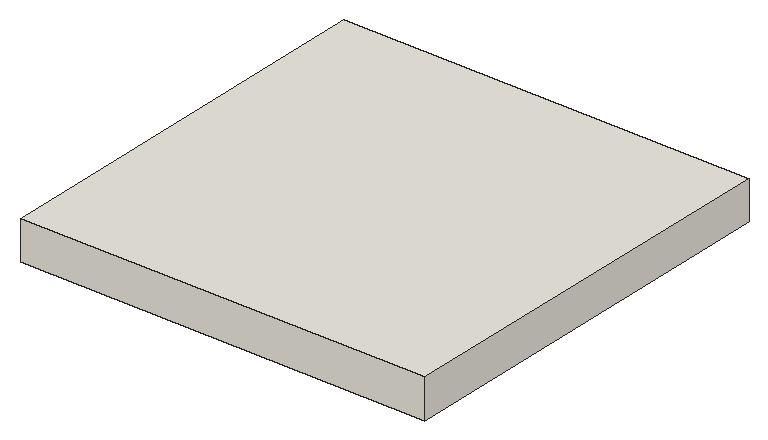
Revit family "UNIVERSAL", category Осветительные приборы, Revit 2019 (continued)
Types (12, lengths in mm): name | Файл фотометрической сетки | built-in parameter 1150105 | Lumens | built-in parameter 1150106 | built-in parameter 1150142 | Wattage | Emit from Rectangle Width | Emit from Rectangle Length | Длина | Ширина | ADSK_Ток | ADSK_Полная мощность | ADSK_Обозначение | ADSK_Номинальная мощность | ADSK_Наименование | ADSK_Код изделия
  CSVT Universal - 34/prisma 595х595х55 (IP20, 4000К) с БАП на 1 час | "CSVT Universal-34_opal-sand.ies" | 246.69 (stored number, unit not read) | 3100 lm | 2.4669 (stored number, unit not read) | "IESNA:LM-63-95\r\n[TEST] Протокол № 50-12 \r\n[DATA] 20.06.2016\r\n[MORE] \r\n[MANUFAC] ЗАО \"Центрстройсвет\"\r\n[LUMCAT]  Светильник ALUMOGIPS-38/OPAL-SAND-(610x610)\r\n[LUMINAIRE]\r\n[LAMPCAT] Светодиоды\r\n[LAMP] Поток источника света (светодиодов) не известен\r\n[MORE] КСС приведена в абсолютных величинах кд\r\n[MORE] Вместо потока лампы, указан поток светильника.\r\nTILT=NONE\r\n1    3750 1.0 37 73 1 2 0.61 0.61 0.04\r\n1.0 1.0 38.7\r\n0.0 5.0 10.0 15.0 20.0 25.0 30.0 35.0 40.0 45.0 50.0 55.0 60.0 65.0 70.0 75.0 80.0 85.0 90.0 95.0 100.0 105.0 110.0 115.0 120.0 125.0 130.0 135.0 140.0 145.0 150.0 155.0 160.0 165.0 170.0 175.0 180.0\r\n0.0 5.0 10.0 15.0 20.0 25.0 30.0 35.0 40.0 45.0 50.0 55.0 60.0 65.0 70.0 75.0 80.0 85.0 90.0 95.0 100.0 105.0 110.0 115.0 120.0 125.0 130.0 135.0 140.0 145.0 150.0 155.0 160.0 165.0 170.0 175.0 180.0 185.0 190.0 195.0 200.0 205.0 210.0 215.0 220.0 225.0 230.0 235.0 240.0 245.0 250.0 255.0 260.0 265.0 270.0 275.0 280.0 285.0 290.0 295.0 300.0 305.0 310.0 315.0 320.0 325.0 330.0 335.0 340.0 345.0 350.0 355.0 360.0\r\n1391.4 1390.6 1365.7 1330.6 1277.5 1214.9 1147.5 1059.6 967.6 873.2 772.4 664.9 556.3 449.1 342.7 240.6 147.1 64.2 4.7 0.0 0.0 0.0 0.0 0.0 0.0 0.0 0.0 0.0 0.0 0.0 0.0 0.0 0.0 0.0 0.0 0.0 0.0\r\n1391.4 1390.5 1367.8 1332.7 1284.3 1221.3 1147.0 1062.1 969.2 872.4 773.2 666.3 557.1 450.1 343.8 241.9 146.9 64.7 5.2 0.0 0.0 0.0 0.0 0.0 0.0 0.0 0.0 0.0 0.0 0.0 0.0 0.0 0.0 0.0 0.0 0.0 0.0\r\n1391.4 1390.2 1372.0 1333.3 1277.3 1216.8 1144.5 1057.4 969.6 875.1 773.8 669.5 560.0 454.6 345.8 242.4 148.5 65.8 5.4 0.0 0.0 0.0 0.0 0.0 0.0 0.0 0.0 0.0 0.0 0.0 0.0 0.0 0.0 0.0 0.0 0.0 0.0\r\n1391.4 1389.8 1371.2 1330.7 1279.5 1220.5 1148.3 1059.9 967.7 873.2 767.5 666.8 561.4 453.0 347.1 243.7 149.9 65.6 5.8 0.0 0.0 0.0 0.0 0.0 0.0 0.0 0.0 0.0 0.0 0.0 0.0 0.0 0.0 0.0 0.0 0.0 0.0\r\n1391.4 1389.8 1368.3 1329.3 1285.0 1214.6 1141.1 1058.7 971.8 871.3 775.2 666.9 559.4 452.6 345.8 242.5 150.0 65.8 6.1 0.0 0.0 0.0 0.0 0.0 0.0 0.0 0.0 0.0 0.0 0.0 0.0 0.0 0.0 0.0 0.0 0.0 0.0\r\n1391.4 1390.5 1367.3 1332.3 1281.7 1219.0 1142.8 1064.6 970.5 874.4 772.1 667.5 560.2 453.0 346.2 241.8 149.4 65.7 5.6 0.0 0.0 0.0 0.0 0.0 0.0 0.0 0.0 0.0 0.0 0.0 0.0 0.0 0.0 0.0 0.0 0.0 0.0\r\n1391.4 1391.4 1368.1 1333.5 1277.3 1215.7 1139.0 1059.6 968.1 872.4 771.6 667.4 558.8 453.3 344.3 243.9 148.4 65.7 5.4 0.0 0.0 0.0 0.0 0.0 0.0 0.0 0.0 0.0 0.0 0.0 0.0 0.0 0.0 0.0 0.0 0.0 0.0\r\n1391.4 1391.7 1368.1 1330.4 1278.2 1213.9 1142.4 1061.6 967.4 875.1 772.0 669.3 561.1 452.5 345.2 242.1 148.3 65.4 5.5 0.0 0.0 0.0 0.0 0.0 0.0 0.0 0.0 0.0 0.0 0.0 0.0 0.0 0.0 0.0 0.0 0.0 0.0\r\n1391.4 1391.5 1371.0 1328.4 1278.5 1216.7 1142.1 1061.2 971.8 874.7 772.1 668.9 560.8 452.9 345.4 243.3 147.7 66.0 5.4 0.0 0.0 0.0 0.0 0.0 0.0 0.0 0.0 0.0 0.0 0.0 0.0 0.0 0.0 0.0 0.0 0.0 0.0\r\n1391.4 1391.5 1373.2 1330.5 1277.3 1215.5 1143.2 1063.6 967.0 872.7 772.2 669.4 558.9 453.2 346.6 241.9 148.1 65.2 5.5 0.0 0.0 0.0 0.0 0.0 0.0 0.0 0.0 0.0 0.0 0.0 0.0 0.0 0.0 0.0 0.0 0.0 0.0\r\n1391.4 1391.4 1369.7 1328.3 1281.3 1216.0 1139.8 1057.9 968.7 875.3 773.9 667.6 561.8 454.0 344.0 243.1 147.2 65.6 5.5 0.0 0.0 0.0 0.0 0.0 0.0 0.0 0.0 0.0 0.0 0.0 0.0 0.0 0.0 0.0 0.0 0.0 0.0\r\n1391.4 1390.5 1367.9 1330.1 1278.1 1218.1 1138.9 1061.0 970.0 871.8 770.4 669.3 560.2 453.4 346.9 242.1 148.3 65.2 5.2 0.0 0.0 0.0 0.0 0.0 0.0 0.0 0.0 0.0 0.0 0.0 0.0 0.0 0.0 0.0 0.0 0.0 0.0\r\n1391.4 1389.3 1368.2 1329.1 1280.8 1214.4 1142.5 1059.2 967.2 874.3 772.4 668.0 563.1 452.3 345.7 242.8 146.8 64.9 5.1 0.0 0.0 0.0 0.0 0.0 0.0 0.0 0.0 0.0 0.0 0.0 0.0 0.0 0.0 0.0 0.0 0.0 0.0\r\n1391.4 1388.6 1367.4 1327.8 1278.0 1215.7 1141.0 1061.0 971.5 877.3 771.2 667.3 561.5 453.0 346.4 242.4 146.3 64.8 5.2 0.0 0.0 0.0 0.0 0.0 0.0 0.0 0.0 0.0 0.0 0.0 0.0 0.0 0.0 0.0 0.0 0.0 0.0\r\n1391.4 1388.0 1367.6 1326.7 1278.3 1218.0 1140.9 1061.5 968.4 873.4 770.1 666.6 562.1 454.6 344.8 241.8 146.4 64.0 5.5 0.0 0.0 0.0 0.0 0.0 0.0 0.0 0.0 0.0 0.0 0.0 0.0 0.0 0.0 0.0 0.0 0.0 0.0\r\n1391.4 1387.2 1366.1 1331.0 1281.4 1216.3 1142.7 1059.1 969.4 871.5 772.2 667.3 560.5 453.0 344.4 242.2 146.4 63.8 5.6 0.0 0.0 0.0 0.0 0.0 0.0 0.0 0.0 0.0 0.0 0.0 0.0 0.0 0.0 0.0 0.0 0.0 0.0\r\n1391.4 1387.1 1366.3 1328.7 1276.9 1214.5 1141.2 1059.3 968.4 874.3 775.5 668.3 562.5 454.9 346.4 241.3 146.2 63.5 5.7 0.0 0.0 0.0 0.0 0.0 0.0 0.0 0.0 0.0 0.0 0.0 0.0 0.0 0.0 0.0 0.0 0.0 0.0\r\n1391.4 1388.4 1366.0 1329.7 1279.2 1217.9 1140.0 1060.5 969.0 873.9 772.0 671.3 560.4 453.2 343.7 241.7 145.8 63.7 5.4 0.0 0.0 0.0 0.0 0.0 0.0 0.0 0.0 0.0 0.0 0.0 0.0 0.0 0.0 0.0 0.0 0.0 0.0\r\n1391.4 1389.6 1367.7 1329.3 1277.2 1211.1 1140.1 1061.0 971.0 871.2 769.2 669.1 561.5 453.1 343.3 241.9 145.8 63.4 5.2 0.0 0.0 0.0 0.0 0.0 0.0 0.0 0.0 0.0 0.0 0.0 0.0 0.0 0.0 0.0 0.0 0.0 0.0\r\n1391.4 1388.8 1366.9 1327.1 1279.4 1214.2 1142.5 1056.4 970.7 870.3 771.0 665.1 560.4 453.3 343.8 241.1 145.7 63.4 5.2 0.0 0.0 0.0 0.0 0.0 0.0 0.0 0.0 0.0 0.0 0.0 0.0 0.0 0.0 0.0 0.0 0.0 0.0\r\n1391.4 1387.2 1365.8 1328.9 1276.6 1210.2 1141.4 1059.3 966.6 871.4 770.5 667.4 559.2 451.4 344.2 241.0 145.6 63.2 5.1 0.0 0.0 0.0 0.0 0.0 0.0 0.0 0.0 0.0 0.0 0.0 0.0 0.0 0.0 0.0 0.0 0.0 0.0\r\n1391.4 1386.8 1364.4 1329.8 1279.4 1213.7 1144.0 1059.0 965.3 873.7 768.8 668.9 559.4 449.5 342.6 241.5 144.6 63.4 5.0 0.0 0.0 0.0 0.0 0.0 0.0 0.0 0.0 0.0 0.0 0.0 0.0 0.0 0.0 0.0 0.0 0.0 0.0\r\n1391.4 1388.1 1365.8 1328.1 1273.8 1213.4 1137.9 1059.2 967.3 869.2 769.3 667.7 558.4 451.4 344.0 240.6 145.7 63.4 4.9 0.0 0.0 0.0 0.0 0.0 0.0 0.0 0.0 0.0 0.0 0.0 0.0 0.0 0.0 0.0 0.0 0.0 0.0\r\n1391.4 1389.2 1364.4 1323.2 1276.3 1213.8 1137.6 1055.3 963.1 871.0 767.7 664.1 559.7 447.1 342.4 240.1 145.2 63.9 5.1 0.0 0.0 0.0 0.0 0.0 0.0 0.0 0.0 0.0 0.0 0.0 0.0 0.0 0.0 0.0 0.0 0.0 0.0\r\n1391.4 1388.4 1362.3 1326.8 1274.4 1212.2 1137.9 1054.7 966.7 867.9 768.7 663.4 557.3 449.2 343.3 240.0 145.7 63.6 5.0 0.0 0.0 0.0 0.0 0.0 0.0 0.0 0.0 0.0 0.0 0.0 0.0 0.0 0.0 0.0 0.0 0.0 0.0\r\n1391.4 1386.2 1361.8 1326.5 1273.3 1211.2 1134.5 1048.6 964.3 866.3 767.8 662.9 556.7 449.5 341.9 239.8 145.7 63.7 5.0 0.0 0.0 0.0 0.0 0.0 0.0 0.0 0.0 0.0 0.0 0.0 0.0 0.0 0.0 0.0 0.0 0.0 0.0\r\n1391.4 1384.4 1363.5 1324.4 1272.0 1209.5 1137.2 1053.0 960.2 867.5 767.9 662.7 556.7 449.2 342.5 239.1 146.2 63.8 4.8 0.0 0.0 0.0 0.0 0.0 0.0 0.0 0.0 0.0 0.0 0.0 0.0 0.0 0.0 0.0 0.0 0.0 0.0\r\n1391.4 1383.7 1362.4 1324.4 1274.0 1209.5 1134.4 1050.1 965.4 864.9 764.6 662.3 556.6 447.9 340.5 240.3 145.5 64.6 4.6 0.0 0.0 0.0 0.0 0.0 0.0 0.0 0.0 0.0 0.0 0.0 0.0 0.0 0.0 0.0 0.0 0.0 0.0\r\n1391.4 1384.4 1361.9 1326.9 1270.2 1207.3 1132.7 1050.1 959.7 867.7 763.1 662.2 555.0 447.3 343.0 238.3 145.8 63.9 4.7 0.0 0.0 0.0 0.0 0.0 0.0 0.0 0.0 0.0 0.0 0.0 0.0 0.0 0.0 0.0 0.0 0.0 0.0\r\n1391.4 1385.1 1363.0 1320.0 1270.4 1207.9 1134.4 1055.0 963.5 867.3 766.7 660.7 555.9 450.1 342.6 240.2 145.9 64.3 4.9 0.0 0.0 0.0 0.0 0.0 0.0 0.0 0.0 0.0 0.0 0.0 0.0 0.0 0.0 0.0 0.0 0.0 0.0\r\n1391.4 1384.9 1362.3 1321.4 1273.1 1208.0 1135.4 1052.3 961.9 865.0 764.0 660.8 553.5 447.6 341.2 240.3 146.1 63.8 4.8 0.0 0.0 0.0 0.0 0.0 0.0 0.0 0.0 0.0 0.0 0.0 0.0 0.0 0.0 0.0 0.0 0.0 0.0\r\n1391.4 1383.8 1361.2 1322.1 1265.1 1211.5 1132.8 1049.3 961.3 863.4 764.0 661.0 550.7 447.9 341.0 240.1 146.2 63.8 4.6 0.0 0.0 0.0 0.0 0.0 0.0 0.0 0.0 0.0 0.0 0.0 0.0 0.0 0.0 0.0 0.0 0.0 0.0\r\n1391.4 1382.8 1359.3 1321.5 1269.3 1206.8 1132.8 1051.1 958.3 863.2 763.1 662.7 553.4 448.0 340.4 240.0 145.8 63.8 4.0 0.0 0.0 0.0 0.0 0.0 0.0 0.0 0.0 0.0 0.0 0.0 0.0 0.0 0.0 0.0 0.0 0.0 0.0\r\n1391.4 1382.6 1359.0 1319.6 1268.1 1204.3 1129.8 1049.0 957.7 861.8 761.7 658.4 554.2 446.1 340.4 239.0 145.6 63.8 3.8 0.0 0.0 0.0 0.0 0.0 0.0 0.0 0.0 0.0 0.0 0.0 0.0 0.0 0.0 0.0 0.0 0.0 0.0\r\n1391.4 1382.8 1358.5 1315.8 1266.5 1202.1 1128.5 1049.2 957.6 860.0 762.1 658.2 549.9 443.8 339.6 238.4 145.7 63.6 3.7 0.0 0.0 0.0 0.0 0.0 0.0 0.0 0.0 0.0 0.0 0.0 0.0 0.0 0.0 0.0 0.0 0.0 0.0\r\n1391.4 1382.2 1360.5 1319.2 1265.9 1204.5 1129.9 1046.9 955.0 862.9 758.9 657.9 552.5 444.9 338.9 238.8 145.3 63.6 3.3 0.0 0.0 0.0 0.0 0.0 0.0 0.0 0.0 0.0 0.0 0.0 0.0 0.0 0.0 0.0 0.0 0.0 0.0\r\n1391.4 1381.1 1361.2 1321.0 1268.1 1203.8 1128.8 1047.4 955.6 863.7 761.1 656.4 551.5 445.2 339.2 238.5 144.7 62.5 3.5 0.0 0.0 0.0 0.0 0.0 0.0 0.0 0.0 0.0 0.0 0.0 0.0 0.0 0.0 0.0 0.0 0.0 0.0\r\n1391.4 1380.6 1359.0 1316.4 1268.5 1204.0 1126.1 1049.5 956.2 859.6 759.7 656.5 549.2 444.3 338.4 236.1 143.8 61.6 3.2 0.0 0.0 0.0 0.0 0.0 0.0 0.0 0.0 0.0 0.0 0.0 0.0 0.0 0.0 0.0 0.0 0.0 0.0\r\n1391.4 1380.7 1356.6 1316.0 1267.0 1205.6 1130.3 1044.8 956.9 856.7 759.3 653.5 548.1 441.9 335.3 235.4 141.4 60.3 2.9 0.0 0.0 0.0 0.0 0.0 0.0 0.0 0.0 0.0 0.0 0.0 0.0 0.0 0.0 0.0 0.0 0.0 0.0\r\n1391.4 1380.4 1354.4 1317.9 1268.8 1199.0 1129.0 1044.0 956.9 860.6 758.3 656.9 549.1 442.0 334.4 236.1 141.7 60.5 2.6 0.0 0.0 0.0 0.0 0.0 0.0 0.0 0.0 0.0 0.0 0.0 0.0 0.0 0.0 0.0 0.0 0.0 0.0\r\n1391.4 1380.1 1356.7 1322.1 1264.6 1201.7 1129.9 1047.4 957.2 859.7 758.2 656.1 549.4 442.8 335.3 235.8 141.3 60.6 2.3 0.0 0.0 0.0 0.0 0.0 0.0 0.0 0.0 0.0 0.0 0.0 0.0 0.0 0.0 0.0 0.0 0.0 0.0\r\n1391.4 1379.9 1357.3 1317.5 1265.9 1207.8 1129.2 1046.5 955.7 860.2 758.6 656.9 550.7 441.9 335.4 233.9 140.6 60.2 2.4 0.0 0.0 0.0 0.0 0.0 0.0 0.0 0.0 0.0 0.0 0.0 0.0 0.0 0.0 0.0 0.0 0.0 0.0\r\n1391.4 1379.2 1355.5 1314.6 1269.3 1203.7 1133.5 1044.8 957.2 857.9 762.0 656.6 548.7 440.4 335.9 234.5 140.4 59.8 2.8 0.0 0.0 0.0 0.0 0.0 0.0 0.0 0.0 0.0 0.0 0.0 0.0 0.0 0.0 0.0 0.0 0.0 0.0\r\n1391.4 1377.9 1357.1 1319.2 1271.9 1204.4 1128.6 1050.2 953.1 856.9 757.6 653.7 548.9 439.9 335.4 232.4 140.5 59.2 3.0 0.0 0.0 0.0 0.0 0.0 0.0 0.0 0.0 0.0 0.0 0.0 0.0 0.0 0.0 0.0 0.0 0.0 0.0\r\n1391.4 1377.2 1356.3 1322.9 1266.0 1204.8 1132.2 1049.0 958.1 859.3 759.0 654.6 547.0 441.6 334.9 232.1 139.3 58.8 2.9 0.0 0.0 0.0 0.0 0.0 0.0 0.0 0.0 0.0 0.0 0.0 0.0 0.0 0.0 0.0 0.0 0.0 0.0\r\n1391.4 1377.8 1353.8 1319.7 1269.6 1207.9 1135.8 1049.5 955.8 858.0 762.4 655.9 548.2 441.6 335.6 231.7 139.4 58.8 2.8 0.0 0.0 0.0 0.0 0.0 0.0 0.0 0.0 0.0 0.0 0.0 0.0 0.0 0.0 0.0 0.0 0.0 0.0\r\n1391.4 1378.5 1355.2 1319.8 1267.3 1206.5 1131.2 1046.1 954.6 861.2 756.6 653.8 548.1 440.3 335.0 232.6 138.6 59.0 2.9 0.0 0.0 0.0 0.0 0.0 0.0 0.0 0.0 0.0 0.0 0.0 0.0 0.0 0.0 0.0 0.0 0.0 0.0\r\n1391.4 1378.6 1355.1 1318.3 1269.7 1200.8 1133.1 1049.0 957.6 862.5 762.4 656.9 549.3 443.5 334.7 231.2 138.8 58.1 3.0 0.0 0.0 0.0 0.0 0.0 0.0 0.0 0.0 0.0 0.0 0.0 0.0 0.0 0.0 0.0 0.0 0.0 0.0\r\n1391.4 1378.8 1355.8 1321.7 1268.8 1210.0 1129.0 1048.5 958.8 862.4 762.2 656.4 549.0 441.1 335.4 231.5 138.5 58.1 3.0 0.0 0.0 0.0 0.0 0.0 0.0 0.0 0.0 0.0 0.0 0.0 0.0 0.0 0.0 0.0 0.0 0.0 0.0\r\n1391.4 1379.6 1357.6 1321.7 1269.0 1207.1 1133.9 1047.0 964.1 863.3 761.9 656.4 551.5 440.7 334.9 232.2 137.6 58.1 2.8 0.0 0.0 0.0 0.0 0.0 0.0 0.0 0.0 0.0 0.0 0.0 0.0 0.0 0.0 0.0 0.0 0.0 0.0\r\n1391.4 1380.6 1357.7 1319.2 1272.0 1207.5 1131.3 1054.6 959.0 863.3 764.8 655.9 549.1 443.0 335.1 231.3 138.0 58.1 2.7 0.0 0.0 0.0 0.0 0.0 0.0 0.0 0.0 0.0 0.0 0.0 0.0 0.0 0.0 0.0 0.0 0.0 0.0\r\n1391.4 1381.5 1358.5 1321.9 1271.0 1204.1 1135.9 1055.8 962.5 865.5 761.1 656.9 550.6 442.0 335.3 231.9 137.4 57.9 2.6 0.0 0.0 0.0 0.0 0.0 0.0 0.0 0.0 0.0 0.0 0.0 0.0 0.0 0.0 0.0 0.0 0.0 0.0\r\n1391.4 1381.3 1358.5 1322.3 1270.8 1207.2 1133.7 1051.9 958.0 867.3 767.5 657.0 552.1 442.3 333.6 231.2 137.9 57.8 2.6 0.0 0.0 0.0 0.0 0.0 0.0 0.0 0.0 0.0 0.0 0.0 0.0 0.0 0.0 0.0 0.0 0.0 0.0\r\n1391.4 1380.6 1359.4 1319.7 1270.6 1209.0 1133.0 1052.1 963.9 867.5 764.1 660.0 554.0 443.3 334.8 231.7 137.6 57.8 2.7 0.0 0.0 0.0 0.0 0.0 0.0 0.0 0.0 0.0 0.0 0.0 0.0 0.0 0.0 0.0 0.0 0.0 0.0\r\n1391.4 1381.3 1359.9 1321.3 1270.6 1204.8 1135.0 1051.3 962.1 865.5 761.7 660.3 553.1 443.5 334.1 231.9 137.9 57.8 2.8 0.0 0.0 0.0 0.0 0.0 0.0 0.0 0.0 0.0 0.0 0.0 0.0 0.0 0.0 0.0 0.0 0.0 0.0\r\n1391.4 1383.1 1362.1 1324.8 1273.8 1208.7 1134.8 1055.9 961.8 866.4 762.3 659.7 552.4 443.7 334.4 232.8 138.0 58.0 2.8 0.0 0.0 0.0 0.0 0.0 0.0 0.0 0.0 0.0 0.0 0.0 0.0 0.0 0.0 0.0 0.0 0.0 0.0\r\n1391.4 1384.6 1360.4 1321.7 1272.0 1210.6 1130.9 1052.5 963.1 866.7 767.4 659.3 553.7 444.6 335.4 233.1 138.3 58.0 2.8 0.0 0.0 0.0 0.0 0.0 0.0 0.0 0.0 0.0 0.0 0.0 0.0 0.0 0.0 0.0 0.0 0.0 0.0\r\n1391.4 1385.6 1357.5 1324.7 1273.9 1211.6 1134.3 1052.7 963.6 865.4 763.1 658.7 552.2 444.9 336.9 232.8 138.8 58.6 2.9 0.0 0.0 0.0 0.0 0.0 0.0 0.0 0.0 0.0 0.0 0.0 0.0 0.0 0.0 0.0 0.0 0.0 0.0\r\n1391.4 1386.4 1357.8 1323.4 1273.2 1212.2 1136.3 1054.7 967.5 867.5 764.0 659.4 553.3 443.7 336.8 233.2 138.9 58.5 3.1 0.0 0.0 0.0 0.0 0.0 0.0 0.0 0.0 0.0 0.0 0.0 0.0 0.0 0.0 0.0 0.0 0.0 0.0\r\n1391.4 1386.6 1362.0 1324.9 1273.2 1211.3 1139.0 1049.9 960.3 866.4 768.0 661.3 552.2 443.4 336.3 233.4 139.8 58.9 3.1 0.0 0.0 0.0 0.0 0.0 0.0 0.0 0.0 0.0 0.0 0.0 0.0 0.0 0.0 0.0 0.0 0.0 0.0\r\n1391.4 1386.0 1360.5 1326.0 1271.8 1212.0 1137.2 1059.3 963.5 867.6 766.9 661.2 552.3 445.8 337.8 233.6 141.0 59.2 3.3 0.0 0.0 0.0 0.0 0.0 0.0 0.0 0.0 0.0 0.0 0.0 0.0 0.0 0.0 0.0 0.0 0.0 0.0\r\n1391.4 1385.0 1362.3 1325.1 1272.0 1207.1 1138.5 1053.6 964.5 865.8 766.5 661.6 554.3 445.9 337.0 234.5 140.4 60.2 3.5 0.0 0.0 0.0 0.0 0.0 0.0 0.0 0.0 0.0 0.0 0.0 0.0 0.0 0.0 0.0 0.0 0.0 0.0\r\n1391.4 1384.4 1361.8 1323.6 1274.0 1214.8 1138.9 1053.9 968.0 867.9 769.0 663.8 555.6 446.7 339.6 235.0 141.3 60.4 3.4 0.0 0.0 0.0 0.0 0.0 0.0 0.0 0.0 0.0 0.0 0.0 0.0 0.0 0.0 0.0 0.0 0.0 0.0\r\n1391.4 1385.0 1360.9 1322.2 1272.4 1209.8 1137.2 1055.7 962.7 869.7 769.6 658.2 556.6 447.4 338.5 236.2 142.5 60.7 3.4 0.0 0.0 0.0 0.0 0.0 0.0 0.0 0.0 0.0 0.0 0.0 0.0 0.0 0.0 0.0 0.0 0.0 0.0\r\n1391.4 1386.6 1363.1 1323.6 1272.5 1211.5 1139.2 1058.4 969.9 868.0 768.8 664.6 556.3 445.8 342.1 236.1 142.3 61.2 3.5 0.0 0.0 0.0 0.0 0.0 0.0 0.0 0.0 0.0 0.0 0.0 0.0 0.0 0.0 0.0 0.0 0.0 0.0\r\n1391.4 1388.6 1360.9 1330.2 1273.7 1213.2 1138.7 1058.3 966.2 867.0 766.8 663.4 553.3 447.1 339.2 238.7 143.0 61.4 3.8 0.0 0.0 0.0 0.0 0.0 0.0 0.0 0.0 0.0 0.0 0.0 0.0 0.0 0.0 0.0 0.0 0.0 0.0\r\n1391.4 1389.8 1360.8 1328.4 1276.8 1216.0 1140.1 1055.8 963.1 870.3 768.4 663.1 554.0 449.1 340.1 237.3 144.8 61.7 3.8 0.0 0.0 0.0 0.0 0.0 0.0 0.0 0.0 0.0 0.0 0.0 0.0 0.0 0.0 0.0 0.0 0.0 0.0\r\n1391.4 1389.3 1362.5 1325.9 1278.0 1210.4 1138.2 1054.7 967.8 872.7 770.2 661.9 556.5 446.9 341.3 237.7 144.4 62.5 3.9 0.0 0.0 0.0 0.0 0.0 0.0 0.0 0.0 0.0 0.0 0.0 0.0 0.0 0.0 0.0 0.0 0.0 0.0\r\n1391.4 1387.8 1365.8 1326.6 1274.3 1213.2 1141.4 1053.1 966.2 871.2 768.4 663.7 555.0 447.1 341.3 238.2 144.3 62.7 4.1 0.0 0.0 0.0 0.0 0.0 0.0 0.0 0.0 0.0 0.0 0.0 0.0 0.0 0.0 0.0 0.0 0.0 0.0\r\n1391.4 1387.2 1364.2 1328.3 1274.8 1209.4 1145.0 1060.0 963.9 867.5 766.5 663.4 556.7 448.2 340.9 240.3 144.7 63.3 4.0 0.0 0.0 0.0 0.0 0.0 0.0 0.0 0.0 0.0 0.0 0.0 0.0 0.0 0.0 0.0 0.0 0.0 0.0\r\n1391.4 1388.4 1364.9 1332.6 1279.0 1215.6 1140.9 1056.3 969.3 867.1 770.0 663.8 559.0 449.0 342.4 240.3 145.7 63.3 4.7 0.0 0.0 0.0 0.0 0.0 0.0 0.0 0.0 0.0 0.0 0.0 0.0 0.0 0.0 0.0 0.0 0.0 0.0\r\n1391.4 1390.0 1364.5 1329.3 1281.4 1217.7 1141.3 1063.3 970.3 871.1 768.8 663.5 555.2 449.3 342.4 239.8 146.6 63.3 4.9 0.0 0.0 0.0 0.0 0.0 0.0 0.0 0.0 0.0 0.0 0.0 0.0 0.0 0.0 0.0 0.0 0.0 0.0\r\n1391.4 1390.6 1365.7 1330.6 1277.5 1214.9 1147.5 1059.6 967.6 873.2 772.4 664.9 556.3 449.1 342.7 240.6 147.1 64.2 4.7 0.0 0.0 0.0 0.0 0.0 0.0 0.0 0.0 0.0 0.0 0.0 0.0 0.0 0.0 0.0 0.0 0.0 0.0\r\n" | 20.8695 W | 555 | 555 | 595 | 595 | 0.151229 A | 34.7826 VA | "CSVT Universal - 34/prisma 595х595х55 (IP20, 4000К)" | 32 W | "Универсальный светодиодный светильник CSVT Universal - 34/prisma 595х595х55 (IP20, 4000К) с БАП на 1 час" | "ЦБ000007895"
